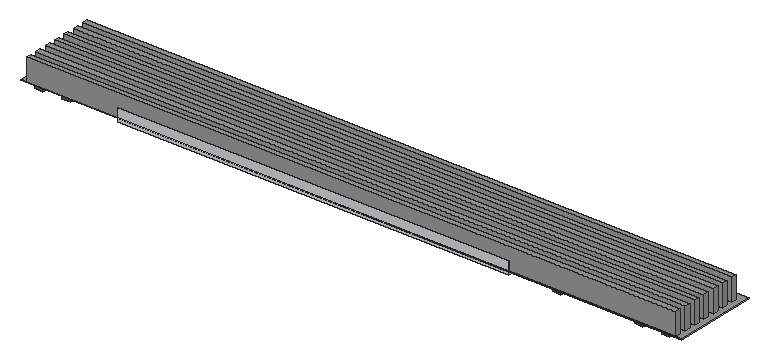
Revit family "1114-7, Veneer", category Generic Models, host Face, Revit 2020
Family settings
  Host = Face
  Can host rebar = No
  Round Connector Dimension = Use Diameter
  Part Type = Normal
  Cut with Voids When Loaded = No
  Shared = No
  Room Calculation Point = No
Parameters
  min_value [instance] = 1' - 11 1/4"  # constant formula
  max_value [instance] = 9' - 11 1/4"  # constant formula
  actual_value [instance] = if(NET LENGTH < min_value, min_value, if(NET LENGTH > max_value, max_value, NET LENGTH))  # 7' - 11 1/4"
  SCRIM MATERIAL [instance] = SCRIM
  SCRIM [instance] = yes
  NET LENGTH [instance] = 7' - 11 1/4"
  Default Elevation = 4' - 0"
  BACKER MATERIAL [instance] = BLACK-BACKERS
  .. MEMBER WIDTH [instance] = 0' - 0 3/4"  # constant formula
  .. MEMBER MATERIAL [instance] = Veneer Cherry
  .. MEMBER LENGTH [instance] = actual_value  # 7' - 11 1/4"
  .. MEMBER DEPTH [instance] = 0' - 3 1/4"  # constant formula
  .. MEMBER COUNT [instance] = 7  # constant formula
  IMPORTANT NOTE!!!                                                                             *Backer layout is for visualization purposes only, final layout to be determined by 9Wood. [instance] = ""
Reference planes (in)
  plane 1 "Center (Front/Back)": y = 0
  plane 2: z = 1.82209
  plane 3 "Center (Left/Right)": x = 0
Forms (in)
  Extrusion 1, solid
    sketch origin (132, -33.80483, 0) x (1, 0, 0) y (0, 1, 0)
      loop
        line (-118.625, 33.80483) -> (-61.26146, 33.80483) -> (-61.26146, 45.86733) -> (-118.625, 45.86733) -> (-118.625, 33.80483)
    from 1.82209 to 0
Dimensions and locks (in)
  aligned and locked: Extrusion 1 to plane 2
  aligned and locked: plane 3 "Center (Left/Right)" to nested 1
Nested families (in)
  nested 1: "1100 SERIES CONFIG" at (0, 2, 0), .. MEMBER DEPTH <- ".. MEMBER DEPTH", .. MEMBER LENGTH <- ".. MEMBER LENGTH", .. MEMBER WIDTH <- ".. MEMBER WIDTH", .. MEMBER MATERIAL <- ".. MEMBER MATERIAL", BACKING M MATERIAL <- "BACKER MATERIAL", SCRIM  MATERIAL <- "SCRIM MATERIAL", .. MEMBER COUNT <- ".. MEMBER COUNT", SCRIM <- "SCRIM", type "1100 SERIES CONFIG"
    with X 7' - 8", SCRIM OVERHANG 2 0' - 0 3/32", SCRIM OVERHANG 0' - 0 7/8", SCRIM LENGTH 8' - 1", SCRIM  MATERIAL SCRIM, SCRIM yes, NOMINAL LENGTH 7, N 8, Inset 6' - 0 3/8", INSET 0' - 1", INDEX 0' - 5 5/8", HALF MEMBER WIDTH 0' - 0 3/8", HALF LENGTH 3' - 11 5/8", END BACKER yes, BACKING M WIDTH 0' - 1 1/4", BACKING M OC SPACING 1' - 0", BACKING M MATERIAL BLACK-BACKERS, BACKING M LENGTH 0' - 11 7/8", BACKING M DEPTH 0' - 0 1/2", BACKING M COUNT 8, 3/16" INSET 0' - 0 3/16", .. MEMBER WIDTH 0' - 0 3/4", .. MEMBER OC SPACING 0' - 1.71429", .. MEMBER MATERIAL Veneer Cherry, .. MEMBER LENGTH 7' - 11 1/4", .. MEMBER DEPTH 0' - 3 1/4", .. MEMBER COUNT 7
Definition of nested family "1100 SERIES CONFIG"
  Parameters (values of type "1100 SERIES CONFIG")
    X [instance] = .. MEMBER LENGTH - 0' 3 1/4"  # 5' - 5"
    SCRIM OVERHANG 2 [instance] = 0' - 0 3/32"  # constant formula
    SCRIM OVERHANG [instance] = 0' - 0 7/8"  # constant formula
    SCRIM LENGTH [instance] = .. MEMBER LENGTH + (SCRIM OVERHANG * 2)  # 5' - 10"
    SCRIM  MATERIAL [instance] = none
    SCRIM [instance] = yes
    NOMINAL LENGTH [instance] = 7
    N [instance] = if((X - (rounddown(X / 1' 0") * 1' 0")) > 1' 0", rounddown(X / 1' 0") + 2, rounddown(X / 1' 0") + 1)  # 6
    Inset [instance] = 6' - 0 3/8"  # constant formula
    INSET [instance] = 0' - 1"  # constant formula
    END BACKER [instance] = INDEX > 0' 3 5/8"  # yes
    INDEX [instance] = (.. MEMBER LENGTH - ((N - 1) * 1' 0")) / 2  # 0' - 4 1/8"
    HALF MEMBER WIDTH [instance] = .. MEMBER WIDTH / 2  # 0' - 0 5/16"
    HALF LENGTH [instance] = .. MEMBER LENGTH / 2  # 2' - 10 1/8"
    Default Elevation = 0' - 0"
    BACKING M WIDTH [instance] = 0' - 1 1/4"
    BACKING M SPACING = 3' - 3"
    BACKING M MATERIAL [instance] = none
    BACKING M LENGTH [instance] = 0' - 11 7/8"
    BACKING M DEPTH [instance] = 0' - 0 1/2"
    BACKING M COUNT [instance] = N  # 6
    BACKING M OC SPACING [instance] = 1' - 0"  # constant formula
    3/16" INSET [instance] = 0' - 0 3/16"  # constant formula
    .. MEMBER WIDTH [instance] = 0' - 0 5/8"
    .. MEMBER OC SPACING [instance] = 1' 0" / .. MEMBER COUNT  # 0' - 4"
    .. MEMBER MATERIAL [instance] = none
    .. MEMBER LENGTH [instance] = 5' - 8 1/4"
    .. MEMBER DEPTH [instance] = 0' - 1 3/8"
    .. MEMBER COUNT [instance] = 3
  Reference planes (in)
    plane 1 "Center (Front/Back)": y = -2
    plane 2: z = 0
    plane 3 "Center (Left/Right)": x = 0
    plane 4: x = 1
    plane 5: x = 4.125
    plane 6: x = 34.125
    plane 7: x = 68.25
    plane 8: x = 67.25
    plane 9: x = 16.125
    plane 10: y = -1.8125
    plane 11: y = -1.6875
    plane 12: y = 2.3125
    plane 13: x = 69.125
    plane 14: x = -0.875
    plane 15: z = 0.5
    plane 16: z = 0.5625
    plane 17: y = 10.0625
    plane 18: y = 10.15625
    plane 19: y = -2.09375
  Dimensions and locks (in)
    "INSET": plane 3 "Center (Left/Right)" to plane 4
    "INDEX": plane 3 "Center (Left/Right)" to plane 5
    "HALF LENGTH": plane 3 "Center (Left/Right)" to plane 6
    ".. MEMBER LENGTH": plane 3 "Center (Left/Right)" to plane 7
    "INSET": plane 8 to plane 7
    equal spacing: group 2, group 3, group 6, group 7, group 8, group 9  (x3)
    "3/16" INSET": plane 1 "Center (Front/Back)" to plane 10
    ".. MEMBER OC SPACING": plane 12 to plane 11
    "SCRIM OVERHANG": plane 14 to plane 3 "Center (Left/Right)"
    "SCRIM OVERHANG": plane 7 to plane 13
    equal spacing: group 1, group 4, group 5  (x2)
    equal spacing: group 5, group 4, group 1
    "HALF MEMBER WIDTH": plane 1 "Center (Front/Back)" to plane 11
    "BACKING M OC SPACING": plane 5 to plane 9
    "SCRIM OVERHANG 2": plane 18 to plane 17
    "SCRIM OVERHANG 2": plane 19 to plane 1 "Center (Front/Back)"
    aligned and locked: level to plane 2
    aligned and locked: plane 6 to nested 1
    aligned and locked: nested 2 to plane 4
    aligned and locked: plane 5 to nested 3
    aligned and locked: plane 1 "Center (Front/Back)" to nested 1
    aligned and locked: nested 2 to plane 10
    aligned and locked: nested 3 to plane 10
    aligned and locked: nested 5 to plane 10
    aligned and locked: nested 4 to plane 10
    aligned and locked: nested 6 to plane 14
    aligned and locked: plane 12 to nested 7
    aligned and locked: nested 7 to plane 3 "Center (Left/Right)"
    aligned and locked: plane 9 to nested 5
    aligned and locked: plane 8 to nested 4
    aligned and locked: plane 15 to nested 2
    aligned and locked: nested 6 to plane 15
    aligned and locked: nested 1 to plane 16
    aligned and locked: nested 7 to plane 16
    aligned and locked: nested 6 to plane 19
  Nested families (in)
    nested 1: "INSTANCE - Parametric Cube" at (34.125, -1.6875, 1.9375), Length <- ".. MEMBER WIDTH", Height <- ".. MEMBER DEPTH", Width <- ".. MEMBER LENGTH", Material <- ".. MEMBER MATERIAL", type "INSTANCE - Parametric Cube"
      with Width 5' - 8 1/4", Material none, Length 0' - 0 5/8", Height 0' - 1 3/8"
    nested 2: "2ND INSTANCE - Parametric Cube" at (1.625, 4.125, 0), Height <- "BACKING M DEPTH", Length <- "BACKING M LENGTH", Width <- "BACKING M WIDTH", Material <- "BACKING M MATERIAL", visible <- "END BACKER", type "2ND INSTANCE - Parametric Cube"
      with Width 0' - 1 1/4", Material none, Length 0' - 11 7/8", Height 0' - 0 1/2"
    nested 3: "2ND INSTANCE - Parametric Cube" at (4.125, 4.125, 0), Length <- "BACKING M LENGTH", Height <- "BACKING M DEPTH", Width <- "BACKING M WIDTH", Material <- "BACKING M MATERIAL", type "2ND INSTANCE - Parametric Cube"
      with Width 0' - 1 1/4", Material none, Length 0' - 11 7/8", Height 0' - 0 1/2"
    nested 4: "2ND INSTANCE - Parametric Cube" at (66.625, 4.125, 0), Width <- "BACKING M WIDTH", Length <- "BACKING M LENGTH", Height <- "BACKING M DEPTH", Material <- "BACKING M MATERIAL", visible <- "END BACKER", type "2ND INSTANCE - Parametric Cube"
      with Width 0' - 1 1/4", Material none, Length 0' - 11 7/8", Height 0' - 0 1/2"
    nested 5: "2ND INSTANCE - Parametric Cube" at (16.125, 4.125, 0), Length <- "BACKING M LENGTH", Height <- "BACKING M DEPTH", Width <- "BACKING M WIDTH", Material <- "BACKING M MATERIAL", type "2ND INSTANCE - Parametric Cube"
      with Width 0' - 1 1/4", Material none, Length 0' - 11 7/8", Height 0' - 0 1/2"
    nested 6: "3RD INSTANCE - Parametric Cube" at (34.125, 4.0445, 0.5), Width <- "SCRIM LENGTH", Material <- "SCRIM  MATERIAL", visible <- "SCRIM", type "3RD INSTANCE - Parametric Cube"
      with Width 5' - 10", Material none, Length 1' - 0.27649", Height 0' - 0 1/16"
    nested 7: "INSTANCE - Parametric Cube" at (34.125, 2.3125, 1.9375), Length <- ".. MEMBER WIDTH", Height <- ".. MEMBER DEPTH", Width <- ".. MEMBER LENGTH", Material <- ".. MEMBER MATERIAL", type "INSTANCE - Parametric Cube"
      with Width 5' - 8 1/4", Material none, Length 0' - 0 5/8", Height 0' - 1 3/8"
    nested 8: "INSTANCE - Parametric Cube" at (34.125, 6.3125, 1.9375), Length <- ".. MEMBER WIDTH", Height <- ".. MEMBER DEPTH", Width <- ".. MEMBER LENGTH", Material <- ".. MEMBER MATERIAL", type "INSTANCE - Parametric Cube"
      with Width 5' - 8 1/4", Material none, Length 0' - 0 5/8", Height 0' - 1 3/8"
    nested 9: "2ND INSTANCE - Parametric Cube" at (28.125, 4.125, 0), Length <- "BACKING M LENGTH", Height <- "BACKING M DEPTH", Width <- "BACKING M WIDTH", Material <- "BACKING M MATERIAL", type "2ND INSTANCE - Parametric Cube"
      with Width 0' - 1 1/4", Material none, Length 0' - 11 7/8", Height 0' - 0 1/2"
    nested 10: "2ND INSTANCE - Parametric Cube" at (40.125, 4.125, 0), Length <- "BACKING M LENGTH", Height <- "BACKING M DEPTH", Width <- "BACKING M WIDTH", Material <- "BACKING M MATERIAL", type "2ND INSTANCE - Parametric Cube"
      with Width 0' - 1 1/4", Material none, Length 0' - 11 7/8", Height 0' - 0 1/2"
    nested 11: "2ND INSTANCE - Parametric Cube" at (52.125, 4.125, 0), Length <- "BACKING M LENGTH", Height <- "BACKING M DEPTH", Width <- "BACKING M WIDTH", Material <- "BACKING M MATERIAL", type "2ND INSTANCE - Parametric Cube"
      with Width 0' - 1 1/4", Material none, Length 0' - 11 7/8", Height 0' - 0 1/2"
    nested 12: "2ND INSTANCE - Parametric Cube" at (64.125, 4.125, 0), Length <- "BACKING M LENGTH", Height <- "BACKING M DEPTH", Width <- "BACKING M WIDTH", Material <- "BACKING M MATERIAL", type "2ND INSTANCE - Parametric Cube"
      with Width 0' - 1 1/4", Material none, Length 0' - 11 7/8", Height 0' - 0 1/2"
  Definition of nested family "INSTANCE - Parametric Cube"
    Parameters (values of type "INSTANCE - Parametric Cube")
      Width [instance] = 0' - 6"
      Material [instance] = none
      Length [instance] = 1' - 0"
      Height [instance] = 1' - 6"
      Default Elevation = 0' - 0"
    Reference planes (in)
      plane 1 "Center (Front/Back)": y = 0
      plane 2: z = 0
      plane 3 "Center (Left/Right)": x = 0
      plane 4: x = -3
      plane 5: x = 3
      plane 6: y = 6
      plane 7: y = -6
      plane 8: z = -18
    Forms (in)
      Extrusion 1, solid, material <- "Material"
        sketch origin (0, 0, 0) x (1, 0, 0) y (0, 1, 0)
          loop
            line (-3, 6) -> (-3, -6) -> (3, -6) -> (3, 6) -> (-3, 6)
        from -18 to 0
    Dimensions and locks (in)
      equal spacing: plane 4, plane 3 "Center (Left/Right)", plane 5
      equal spacing: plane 6, plane 1 "Center (Front/Back)", plane 7
      "Length": plane 6 to plane 7
      "Width": plane 4 to plane 5
      "Height": plane 8 to level
      aligned and locked: plane 2 to level
      aligned and locked: Extrusion 1 sketch curve to plane 6
      aligned and locked: plane 4 to Extrusion 1 sketch curve
      aligned and locked: plane 7 to Extrusion 1 sketch curve
      aligned and locked: Extrusion 1 sketch curve to plane 5
      aligned and locked: Extrusion 1 to plane 8
  Definition of nested family "2ND INSTANCE - Parametric Cube"
    Parameters (values of type "2ND INSTANCE - Parametric Cube")
      Width [instance] = 0' - 6"
      Material [instance] = none
      Length [instance] = 1' - 0"
      Height [instance] = 1' - 6"
      Default Elevation = 0' - 0"
    Reference planes (in)
      plane 1 "Center (Front/Back)": y = 0
      plane 2: z = 0
      plane 3 "Center (Left/Right)": x = 0
      plane 4: x = -3
      plane 5: x = 3
      plane 6: y = 6
      plane 7: y = -6
      plane 8: z = 18
    Forms (in)
      Extrusion 1, solid, material <- "Material"
        sketch origin (0, 0, 0) x (1, 0, 0) y (0, 1, 0)
          loop
            line (-3, 6) -> (-3, -6) -> (3, -6) -> (3, 6) -> (-3, 6)
        from 0 to 18
    Dimensions and locks (in)
      equal spacing: plane 4, plane 3 "Center (Left/Right)", plane 5
      equal spacing: plane 6, plane 1 "Center (Front/Back)", plane 7
      "Length": plane 6 to plane 7
      "Width": plane 4 to plane 5
      "Height": level to plane 8
      aligned and locked: plane 2 to level
      aligned and locked: Extrusion 1 sketch curve to plane 6
      aligned and locked: plane 4 to Extrusion 1 sketch curve
      aligned and locked: plane 7 to Extrusion 1 sketch curve
      aligned and locked: Extrusion 1 sketch curve to plane 5
      aligned and locked: plane 8 to Extrusion 1
      aligned and locked: Extrusion 1 to level
  Definition of nested family "3RD INSTANCE - Parametric Cube"
    Parameters (values of type "3RD INSTANCE - Parametric Cube")
      Width [instance] = 0' - 6"
      Material [instance] = none
      Length [instance] = 1' - 0"
      Height [instance] = 1' - 6"
      Default Elevation = 0' - 0"
    Reference planes (in)
      plane 1 "Center (Front/Back)": y = 0
      plane 2: z = 0
      plane 3 "Center (Left/Right)": x = 0
      plane 4: x = -3
      plane 5: x = 3
      plane 6: y = 6
      plane 7: y = -6
      plane 8: z = 18
    Forms (in)
      Extrusion 1, solid, material <- "Material"
        sketch origin (0, 0, 0) x (1, 0, 0) y (0, 1, 0)
          loop
            line (-3, 6) -> (-3, -6) -> (3, -6) -> (3, 6) -> (-3, 6)
        from 0 to 18
    Dimensions and locks (in)
      equal spacing: plane 4, plane 3 "Center (Left/Right)", plane 5
      equal spacing: plane 6, plane 1 "Center (Front/Back)", plane 7
      "Length": plane 6 to plane 7
      "Width": plane 4 to plane 5
      "Height": level to plane 8
      aligned and locked: plane 2 to level
      aligned and locked: Extrusion 1 sketch curve to plane 6
      aligned and locked: plane 4 to Extrusion 1 sketch curve
      aligned and locked: plane 7 to Extrusion 1 sketch curve
      aligned and locked: Extrusion 1 sketch curve to plane 5
      aligned and locked: plane 8 to Extrusion 1
      aligned and locked: Extrusion 1 to level
